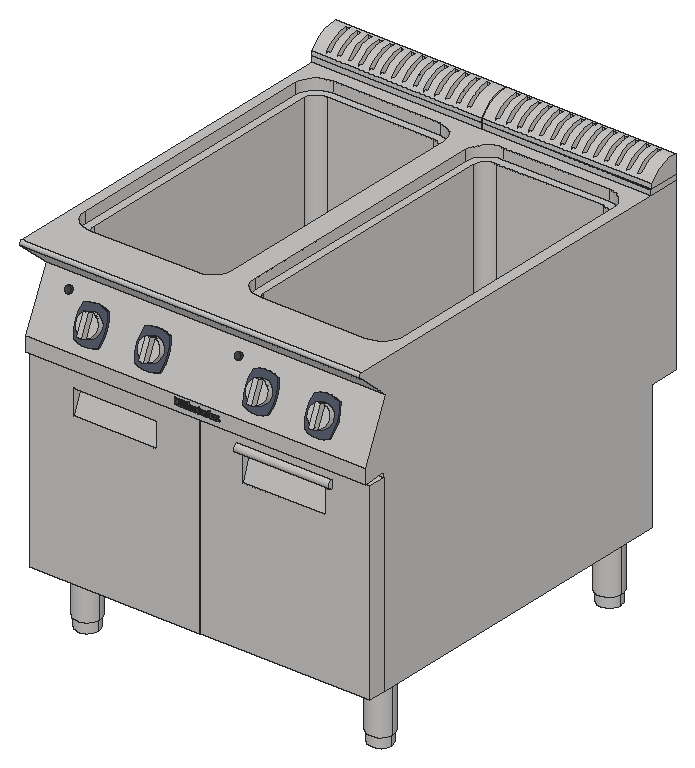
Revit family "QF_ELECTROLUXPROFESSIONAL_391127_E9PCEH2MF0", category Specialty Equipment, Revit 2018 (continued)
Automatic sketch dimensions
  Extrusion 5 sketch curve to Extrusion 5 sketch curve = 0.329 mm
  Extrusion 5 sketch curve to Extrusion 5 sketch curve = 1.054 mm
  Extrusion 5 sketch curve to Extrusion 5 sketch curve = 1.056 mm
  Extrusion 5 sketch curve to Extrusion 5 sketch curve = 0.129 mm
  Extrusion 5 sketch curve to Extrusion 5 sketch curve = 0.489 mm
  Extrusion 5 sketch curve to Extrusion 5 sketch curve = 0.441 mm
  Extrusion 5 sketch curve to Extrusion 5 sketch curve = 1.151 mm
  Extrusion 5 sketch curve to Extrusion 5 sketch curve = 1.141 mm  (x2)
  Extrusion 5 sketch curve to Extrusion 5 sketch curve = 0.768 mm
  Extrusion 5 sketch curve to Extrusion 5 sketch curve = 1.653 mm
  Extrusion 5 sketch curve to Extrusion 5 sketch curve = 0.499 mm
  Extrusion 5 sketch curve to Extrusion 5 sketch curve = 0.964 mm
  Extrusion 5 sketch curve to Extrusion 5 sketch curve = 0.949 mm
  Extrusion 5 sketch curve to Extrusion 5 sketch curve = 1.345 mm  (x3)
  Extrusion 5 sketch curve to Extrusion 5 sketch curve = 1.101 mm
  Extrusion 5 sketch curve to Extrusion 5 sketch curve = 0.432 mm
  Extrusion 5 sketch curve to Extrusion 5 sketch curve = 1.142 mm
  Extrusion 5 sketch curve to Extrusion 5 sketch curve = 0.959 mm
  Extrusion 5 sketch curve to Extrusion 5 sketch curve = 0.176 mm
  Extrusion 5 sketch curve to Extrusion 5 sketch curve = 0.728 mm
  Extrusion 5 sketch curve to Extrusion 5 sketch curve = 3.375 mm  (x2)
  Extrusion 5 sketch curve to Extrusion 5 sketch curve = 0.541 mm
  Extrusion 5 sketch curve to Extrusion 5 sketch curve = 0.955 mm
  Extrusion 5 sketch curve to Extrusion 5 sketch curve = 1.251 mm
  Extrusion 5 sketch curve to Extrusion 5 sketch curve = 0.572 mm
  Extrusion 5 sketch curve to Extrusion 5 sketch curve = 1.92 mm
  Extrusion 5 sketch curve to Extrusion 5 sketch curve = 1.224 mm
  Extrusion 5 sketch curve to Extrusion 5 sketch curve = 0.745 mm
  Extrusion 5 sketch curve to Extrusion 5 sketch curve = 2.537 mm
  Extrusion 5 sketch curve to Extrusion 5 sketch curve = 0.896 mm  (x3)
  Extrusion 5 sketch curve to Extrusion 5 sketch curve = 0.036 mm
  Extrusion 5 sketch curve to Extrusion 5 sketch curve = 2.607 mm
  Extrusion 5 sketch curve to Extrusion 5 sketch curve = 0.066 mm
  Extrusion 5 sketch curve to Extrusion 5 sketch curve = 0.248 mm
  Extrusion 5 sketch curve to Extrusion 5 sketch curve = 0.449 mm
  Extrusion 5 sketch curve to Extrusion 5 sketch curve = 1.052 mm
  Extrusion 5 sketch curve to Extrusion 5 sketch curve = 1.863 mm
  Extrusion 5 sketch curve to Extrusion 5 sketch curve = 1.31 mm  (x2)
  Extrusion 5 sketch curve to Extrusion 5 sketch curve = 0.901 mm
  Extrusion 5 sketch curve to Extrusion 5 sketch curve = 1.107 mm
  Extrusion 5 sketch curve to Extrusion 5 sketch curve = 2.122 mm
  Extrusion 5 sketch curve to Extrusion 5 sketch curve = 2.101 mm
  Extrusion 5 sketch curve to Extrusion 5 sketch curve = 0.106 mm
  Extrusion 5 sketch curve to Extrusion 5 sketch curve = 0.029 mm
  Extrusion 5 sketch curve to Extrusion 5 sketch curve = 2.09 mm
  Extrusion 5 sketch curve to Extrusion 5 sketch curve = 1.279 mm
  Extrusion 5 sketch curve to Extrusion 5 sketch curve = 2.008 mm
  Extrusion 5 sketch curve to Extrusion 5 sketch curve = 0.738 mm
  Extrusion 5 sketch curve to Extrusion 5 sketch curve = 0.382 mm
  Extrusion 5 sketch curve to Extrusion 5 sketch curve = 0.384 mm
  Extrusion 5 sketch curve to Extrusion 5 sketch curve = 0.002 mm
  Extrusion 5 sketch curve to Extrusion 5 sketch curve = 0.561 mm
  Extrusion 5 sketch curve to Extrusion 5 sketch curve = 0.592 mm
  Extrusion 5 sketch curve to Extrusion 5 sketch curve = 2.692 mm
  Extrusion 5 sketch curve to Extrusion 5 sketch curve = 1.259 mm
  Extrusion 5 sketch curve to Extrusion 5 sketch curve = 0.802 mm
  Extrusion 5 sketch curve to Extrusion 5 sketch curve = 1.024 mm  (x2)
  Extrusion 5 sketch curve to Extrusion 5 sketch curve = 0.682 mm
  Extrusion 5 sketch curve to Extrusion 5 sketch curve = 5.934 mm
  Extrusion 5 sketch curve to Extrusion 5 sketch curve = 2.186 mm
  Extrusion 5 sketch curve to Extrusion 5 sketch curve = 0.337 mm
  Extrusion 5 sketch curve to Extrusion 5 sketch curve = 0.021 mm
  Extrusion 5 sketch curve to Extrusion 5 sketch curve = 1.005 mm
  Extrusion 5 sketch curve to Extrusion 5 sketch curve = 0.552 mm
  Extrusion 5 sketch curve to Extrusion 5 sketch curve = 0.778 mm
  Extrusion 5 sketch curve to Extrusion 5 sketch curve = 0.063 mm
  Extrusion 5 sketch curve to Extrusion 5 sketch curve = 1.023 mm
  Extrusion 5 sketch curve to Extrusion 5 sketch curve = 3.804 mm
  Extrusion 5 sketch curve to Extrusion 5 sketch curve = 0.486 mm
  Extrusion 5 sketch curve to Extrusion 5 sketch curve = 0.266 mm
  Extrusion 5 sketch curve to Extrusion 5 sketch curve = 1.547 mm
  Extrusion 5 sketch curve to Extrusion 5 sketch curve = 0.717 mm  (x2)
  Extrusion 5 sketch curve to Extrusion 5 sketch curve = 1.667 mm
  Extrusion 5 sketch curve to Extrusion 5 sketch curve = 3.174 mm
  Extrusion 5 sketch curve to Extrusion 5 sketch curve = 0.388 mm
  Extrusion 5 sketch curve to Extrusion 5 sketch curve = 1.342 mm
  Extrusion 5 sketch curve to Extrusion 5 sketch curve = 1.521 mm
  Extrusion 5 sketch curve to Extrusion 5 sketch curve = 0.124 mm
  Extrusion 5 sketch curve to Extrusion 5 sketch curve = 0.291 mm
  Extrusion 5 sketch curve to Extrusion 5 sketch curve = 1.049 mm  (x2)
  Extrusion 5 sketch curve to Extrusion 5 sketch curve = 1.7 mm
  Extrusion 5 sketch curve to Extrusion 5 sketch curve = 0.894 mm
  Extrusion 5 sketch curve to Extrusion 5 sketch curve = 0.989 mm
  Extrusion 5 sketch curve to Extrusion 5 sketch curve = 1.168 mm
  Extrusion 5 sketch curve to Extrusion 5 sketch curve = 1.594 mm
  Extrusion 5 sketch curve to Extrusion 5 sketch curve = 0.731 mm
  Extrusion 5 sketch curve to Extrusion 5 sketch curve = 1.566 mm
  Extrusion 5 sketch curve to Extrusion 5 sketch curve = 0.064 mm
  Extrusion 5 sketch curve to Extrusion 5 sketch curve = 0.556 mm  (x2)
  Extrusion 5 sketch curve to Extrusion 5 sketch curve = 0.48 mm
  Extrusion 5 sketch curve to Extrusion 5 sketch curve = 1.018 mm
  Extrusion 5 sketch curve to Extrusion 5 sketch curve = 0.787 mm
  Extrusion 5 sketch curve to Extrusion 5 sketch curve = 0.618 mm
  Extrusion 5 sketch curve to Extrusion 5 sketch curve = 1.672 mm
  Extrusion 5 sketch curve to Extrusion 5 sketch curve = 1.361 mm
  Extrusion 5 sketch curve to Extrusion 5 sketch curve = 0.822 mm
  Extrusion 5 sketch curve to Extrusion 5 sketch curve = 0.069 mm
  Extrusion 5 sketch curve to Extrusion 5 sketch curve = 1.88 mm
  Extrusion 5 sketch curve to Extrusion 5 sketch curve = 0.42 mm
  Extrusion 5 sketch curve to Extrusion 5 sketch curve = 0.062 mm
  Extrusion 5 sketch curve to Extrusion 5 sketch curve = 1.355 mm
  Extrusion 5 sketch curve to Extrusion 5 sketch curve = 2.34 mm
  Extrusion 5 sketch curve to Extrusion 5 sketch curve = 0.493 mm
  Extrusion 5 sketch curve to Extrusion 5 sketch curve = 0.136 mm
  Extrusion 5 sketch curve to Extrusion 5 sketch curve = 0.128 mm
  Extrusion 5 sketch curve to Extrusion 5 sketch curve = 3.616 mm
  Extrusion 5 sketch curve to Extrusion 5 sketch curve = 4.207 mm
  Extrusion 5 sketch curve to Extrusion 5 sketch curve = 0.183 mm
  Extrusion 5 sketch curve to Extrusion 5 sketch curve = 0.895 mm
  Extrusion 5 sketch curve to Extrusion 5 sketch curve = 1.314 mm
  Extrusion 5 sketch curve to Extrusion 5 sketch curve = 3.231 mm
  Extrusion 5 sketch curve to Extrusion 5 sketch curve = 1.299 mm
  Extrusion 5 sketch curve to Extrusion 5 sketch curve = 1.214 mm
  Extrusion 5 sketch curve to Extrusion 5 sketch curve = 1.264 mm
  Extrusion 5 sketch curve to Extrusion 5 sketch curve = 0.109 mm
  Extrusion 5 sketch curve to Extrusion 5 sketch curve = 0.357 mm
  Extrusion 5 sketch curve to Extrusion 5 sketch curve = 0.565 mm
  Extrusion 5 sketch curve to Extrusion 5 sketch curve = 2.504 mm
  Extrusion 5 sketch curve to Extrusion 5 sketch curve = 2.459 mm
  Extrusion 1 to Extrusion 5 sketch curve = 5.127 mm
  Extrusion 1 to Extrusion 5 sketch curve = 343.464 mm
  Extrusion 5 sketch curve to Extrusion 5 sketch curve = 0.208 mm
  Extrusion 5 sketch curve to Extrusion 5 sketch curve = 0.468 mm  (x2)
  Extrusion 5 sketch curve to Extrusion 5 sketch curve = 1.559 mm
  Extrusion 5 sketch curve to Extrusion 5 sketch curve = 0.422 mm  (x2)
  Extrusion 5 sketch curve to Extrusion 5 sketch curve = 0.494 mm
  Extrusion 5 sketch curve to Extrusion 5 sketch curve = 3.927 mm
  Extrusion 5 sketch curve to Extrusion 5 sketch curve = 0.782 mm
  Extrusion 5 sketch curve to Extrusion 5 sketch curve = 1.268 mm
  Extrusion 5 sketch curve to Extrusion 5 sketch curve = 0.671 mm
  Extrusion 5 sketch curve to Extrusion 5 sketch curve = 0.777 mm
  Extrusion 5 sketch curve to Extrusion 5 sketch curve = 0.704 mm
  Extrusion 5 sketch curve to Extrusion 5 sketch curve = 0.781 mm  (x2)
  Extrusion 5 sketch curve to Extrusion 5 sketch curve = 1.634 mm
  Extrusion 5 sketch curve to Extrusion 5 sketch curve = 0.132 mm
  Extrusion 5 sketch curve to Extrusion 5 sketch curve = 3.136 mm
  Extrusion 5 sketch curve to Extrusion 5 sketch curve = 2.422 mm
  Extrusion 5 sketch curve to Extrusion 5 sketch curve = 0.586 mm
  Extrusion 5 sketch curve to Extrusion 5 sketch curve = 2.046 mm  (x2)
  Extrusion 5 sketch curve to Extrusion 5 sketch curve = 1.241 mm
  Extrusion 5 sketch curve to Extrusion 5 sketch curve = 1.689 mm
  Extrusion 5 sketch curve to Extrusion 5 sketch curve = 2.859 mm
  Extrusion 5 sketch curve to Extrusion 5 sketch curve = 0.627 mm
  Extrusion 5 sketch curve to Extrusion 5 sketch curve = 0.863 mm
  Extrusion 5 sketch curve to Extrusion 5 sketch curve = 0.419 mm
  Extrusion 5 sketch curve to Extrusion 5 sketch curve = 1.514 mm
  Extrusion 5 sketch curve to Extrusion 5 sketch curve = 1.019 mm
  Extrusion 5 sketch curve to Extrusion 5 sketch curve = 0.065 mm
  Extrusion 5 sketch curve to Extrusion 5 sketch curve = 1.215 mm
  Extrusion 5 sketch curve to Extrusion 5 sketch curve = 2.708 mm
  Extrusion 5 sketch curve to Extrusion 5 sketch curve = 1.122 mm
  Extrusion 5 sketch curve to Extrusion 5 sketch curve = 1.153 mm
  Extrusion 5 sketch curve to Extrusion 5 sketch curve = 3.009 mm
  Extrusion 5 sketch curve to Extrusion 5 sketch curve = 0.829 mm  (x2)
  Extrusion 5 sketch curve to Extrusion 5 sketch curve = 0.934 mm
  Extrusion 5 sketch curve to Extrusion 5 sketch curve = 3.376 mm
  Extrusion 5 sketch curve to Extrusion 5 sketch curve = 0.222 mm
  Extrusion 5 sketch curve to Extrusion 5 sketch curve = 1.383 mm
  Extrusion 5 sketch curve to Extrusion 5 sketch curve = 1.556 mm
  Extrusion 5 sketch curve to Extrusion 5 sketch curve = 2.559 mm
  Extrusion 5 sketch curve to Extrusion 5 sketch curve = 2.51 mm
  Extrusion 5 sketch curve to Extrusion 5 sketch curve = 0.131 mm
  Extrusion 5 sketch curve to Extrusion 5 sketch curve = 1.717 mm
  Extrusion 5 sketch curve to Extrusion 5 sketch curve = 1.134 mm
  Extrusion 5 sketch curve to Extrusion 5 sketch curve = 0.366 mm
  Extrusion 5 sketch curve to Extrusion 5 sketch curve = 0.094 mm
  Extrusion 5 sketch curve to Extrusion 5 sketch curve = 1.584 mm
  Extrusion 5 sketch curve to Extrusion 5 sketch curve = 1.501 mm
  Extrusion 5 sketch curve to Extrusion 5 sketch curve = 0.27 mm
  Extrusion 5 sketch curve to Extrusion 5 sketch curve = 1.808 mm
  Extrusion 5 sketch curve to Extrusion 5 sketch curve = 0.643 mm
  Extrusion 5 sketch curve to Extrusion 5 sketch curve = 0.916 mm
  Extrusion 5 sketch curve to Extrusion 5 sketch curve = 0.352 mm
  Extrusion 5 sketch curve to Extrusion 5 sketch curve = 0.458 mm
  Extrusion 5 sketch curve to Extrusion 5 sketch curve = 1.282 mm
  Extrusion 5 sketch curve to Extrusion 5 sketch curve = 1.363 mm
  Extrusion 5 sketch curve to Extrusion 5 sketch curve = 0.685 mm
  Extrusion 5 sketch curve to Extrusion 5 sketch curve = 0.905 mm
  Extrusion 5 sketch curve to Extrusion 5 sketch curve = 2.865 mm
  Extrusion 5 sketch curve to Extrusion 5 sketch curve = 0.472 mm
  Extrusion 5 sketch curve to Extrusion 5 sketch curve = 0.101 mm
  Extrusion 5 sketch curve to Extrusion 5 sketch curve = 0.54 mm
  Extrusion 5 sketch curve to Extrusion 5 sketch curve = 0.02 mm
  Extrusion 5 sketch curve to Extrusion 5 sketch curve = 0.582 mm
  Extrusion 5 sketch curve to Extrusion 5 sketch curve = 0.166 mm
  Extrusion 5 sketch curve to Extrusion 5 sketch curve = 0.16 mm
  Extrusion 5 sketch curve to Extrusion 5 sketch curve = 2.781 mm
  Extrusion 5 sketch curve to Extrusion 5 sketch curve = 1.118 mm
  Extrusion 5 sketch curve to Extrusion 5 sketch curve = 0.613 mm
  Extrusion 5 sketch curve to Extrusion 5 sketch curve = 0.361 mm
  Extrusion 5 sketch curve to Extrusion 5 sketch curve = 0.897 mm
  Extrusion 5 sketch curve to Extrusion 5 sketch curve = 0.167 mm
  Extrusion 5 sketch curve to Extrusion 5 sketch curve = 0.292 mm
  Extrusion 5 sketch curve to Extrusion 5 sketch curve = 0.305 mm
  Extrusion 5 sketch curve to Extrusion 5 sketch curve = 1.557 mm
  Extrusion 5 sketch curve to Extrusion 5 sketch curve = 2.499 mm
  Extrusion 5 sketch curve to Extrusion 5 sketch curve = 3.062 mm
  Extrusion 5 sketch curve to Extrusion 5 sketch curve = 2.968 mm
  Extrusion 5 sketch curve to Extrusion 5 sketch curve = 5.044 mm
  Extrusion 5 sketch curve to Extrusion 5 sketch curve = 0.629 mm  (x2)
  Extrusion 5 sketch curve to Extrusion 5 sketch curve = 1.131 mm
  Extrusion 5 sketch curve to Extrusion 5 sketch curve = 0.137 mm
  Extrusion 5 sketch curve to Extrusion 5 sketch curve = 0.027 mm
  Extrusion 5 sketch curve to Extrusion 5 sketch curve = 2.235 mm
  Extrusion 6 sketch curve to plane 10 "TOP A" = 0 mm
  Extrusion 6 sketch curve to plane 1 "BACK" = 0 mm
  plane 10 "TOP A" to Extrusion 6 sketch curve = 12.9 mm
  Extrusion 6 sketch curve to plane 12 = 54.11 mm
  Extrusion 7 sketch curve to plane 1 "BACK" = 0 mm
  Extrusion 7 sketch curve to plane 6 "TOP" = 0 mm
  plane 1 "BACK" to Extrusion 7 sketch curve = 4.947 mm
  plane 10 "TOP A" to Extrusion 7 sketch curve = 23.3 mm
  plane 1 "BACK" to Extrusion 7 sketch curve = 69.85 mm
  plane 10 "TOP A" to Extrusion 7 sketch curve = 12.9 mm
  plane 1 "BACK" to Extrusion 8 sketch curve = 6.761 mm  (x14)
  plane 17 to Extrusion 8 sketch curve = 0.513 mm
  Extrusion 8 sketch curve to plane 16 = 1.61 mm
  plane 16 to Extrusion 8 sketch curve = 14.583 mm
  Extrusion 8 sketch curve to Extrusion 8 sketch curve = 57.15 mm
  Extrusion 8 sketch curve to Extrusion 8 sketch curve = 0 mm  (x13)
  Extrusion 8 sketch curve to plane 16 = 10.905 mm
  plane 20 to Extrusion 8 sketch curve = 0.191 mm
  Extrusion 8 sketch curve to plane 20 = 16.001 mm
  Extrusion 8 sketch curve to Extrusion 8 sketch curve = 9.296 mm  (x12)
  Extrusion 8 sketch curve to plane 17 = 15.68 mm
  Extrusion 8 sketch curve to Extrusion 8 sketch curve = 16.193 mm  (x9)
  Extrusion 9 sketch curve to plane 10 "TOP A" = 0 mm
  Extrusion 9 sketch curve to plane 1 "BACK" = 0 mm
  plane 10 "TOP A" to Extrusion 9 sketch curve = 12.9 mm
  Extrusion 9 sketch curve to plane 12 = 54.11 mm
  Extrusion 10 sketch curve to plane 1 "BACK" = 0 mm
  Extrusion 10 sketch curve to plane 6 "TOP" = 0 mm
  plane 1 "BACK" to Extrusion 10 sketch curve = 4.947 mm
  plane 10 "TOP A" to Extrusion 10 sketch curve = 23.3 mm
  plane 1 "BACK" to Extrusion 10 sketch curve = 69.85 mm
  plane 10 "TOP A" to Extrusion 10 sketch curve = 12.9 mm
  plane 1 "BACK" to Extrusion 11 sketch curve = 6.761 mm  (x14)
  plane 18 to Extrusion 11 sketch curve = 1.487 mm
  Extrusion 11 sketch curve to plane 19 = 0.56 mm
  Extrusion 11 sketch curve to Extrusion 11 sketch curve = 57.15 mm
  Extrusion 11 sketch curve to Extrusion 11 sketch curve = 0 mm  (x13)
  Extrusion 11 sketch curve to plane 15 = 6.001 mm
  plane 19 to Extrusion 11 sketch curve = 15.633 mm
  Extrusion 11 sketch curve to Extrusion 11 sketch curve = 9.296 mm  (x13)
  Extrusion 11 sketch curve to Extrusion 11 sketch curve = 16.193 mm  (x10)
  plane 21 to Extrusion 11 sketch curve = 0.191 mm
  Extrusion 12 sketch curve to Extrusion 1 = 0 mm  (x2)
  Extrusion 1 to Extrusion 12 sketch curve = 399.088 mm
  Extrusion 12 sketch curve to Extrusion 12 sketch curve = 1.825 mm
  Extrusion 13 sketch curve to plane 5 "FRONT" = 30 mm
  Extrusion 13 sketch curve to Extrusion 13 sketch curve = 21.813 mm
  Extrusion 13 sketch curve to plane 9 "BASE" = 97.43 mm
  Extrusion 13 sketch curve to plane 9 "BASE" = 37.5 mm
  Extrusion 14 sketch curve to plane 5 "FRONT" = 30 mm
  Extrusion 14 sketch curve to Extrusion 14 sketch curve = 21.813 mm
  Extrusion 14 sketch curve to plane 9 "BASE" = 37.5 mm
  Extrusion 14 sketch curve to Extrusion 14 sketch curve = 59.93 mm
  Extrusion 15 sketch curve to plane 5 "FRONT" = 30 mm
  Extrusion 15 sketch curve to plane 9 "BASE" = 17.595 mm
  Extrusion 15 sketch curve to Extrusion 15 sketch curve = 9.905 mm
  plane 13 to Extrusion 16 sketch curve = 0 mm
  Extrusion 16 sketch curve to plane 20 = 10 mm
  Extrusion 16 sketch curve to Extrusion 16 sketch curve = 0 mm  (x4)
  Extrusion 16 sketch curve to plane 17 = 10 mm  (x2)
  Extrusion 16 sketch curve to plane 7 "Center Y" = 75 mm  (x2)
  Extrusion 16 sketch curve to Extrusion 16 sketch curve = 30 mm
  Extrusion 16 sketch curve to Extrusion 16 sketch curve = 133.357 mm
  Extrusion 17 sketch curve to plane 13 = 163.357 mm
  Extrusion 17 sketch curve to plane 17 = 10 mm
  Extrusion 17 sketch curve to Extrusion 17 sketch curve = 30 mm  (x2)
  plane 12 to Extrusion 17 sketch curve = 25.89 mm  (x2)
  Extrusion 17 sketch curve to plane 12 = 4.11 mm
  Extrusion 17 sketch curve to plane 7 "Center Y" = 75 mm
  plane 7 "Center Y" to Extrusion 18 sketch curve = 25 mm
  plane 13 to Extrusion 18 sketch curve = 20 mm
  Extrusion 18 sketch curve to Extrusion 18 sketch curve = 50 mm  (x2)
  Extrusion 18 sketch curve to plane 12 = 24.11 mm
  plane 18 to Extrusion 18 sketch curve = 12 mm  (x2)
  Extrusion 18 sketch curve to plane 15 = 20 mm
  Extrusion 19 sketch curve to plane 15 = 0 mm  (x2)
  plane 13 to Extrusion 19 sketch curve = 0 mm
  plane 18 to Extrusion 19 sketch curve = 12 mm  (x2)
  plane 7 "Center Y" to Extrusion 19 sketch curve = 75 mm  (x2)
  Extrusion 19 sketch curve to Extrusion 19 sketch curve = 30 mm
  Extrusion 19 sketch curve to Extrusion 19 sketch curve = 0 mm  (x3)
  Extrusion 19 sketch curve to Extrusion 19 sketch curve = 133.357 mm
  Extrusion 20 sketch curve to plane 15 = 0 mm
  Extrusion 20 sketch curve to plane 12 = 4.11 mm
  plane 18 to Extrusion 20 sketch curve = 12 mm
  plane 12 to Extrusion 20 sketch curve = 25.89 mm
  plane 7 "Center Y" to Extrusion 20 sketch curve = 45 mm
  Extrusion 20 sketch curve to plane 8 "Center X" = 141.643 mm  (x2)
  Extrusion 20 sketch curve to Extrusion 20 sketch curve = 30 mm
  Extrusion 21 sketch curve to plane 17 = 39.333 mm
  Extrusion 21 sketch curve to Extrusion 21 sketch curve = 0 mm
  Extrusion 21 sketch curve to Extrusion 21 sketch curve = 12.3 mm  (x3)
  Extrusion 21 sketch curve to Extrusion 21 sketch curve = 34.925 mm  (x2)
  Extrusion 21 sketch curve to plane 17 = 13.606 mm
  Extrusion 21 sketch curve to Extrusion 21 sketch curve = 46.691 mm
  Extrusion 21 sketch curve to Extrusion 21 sketch curve = 26.344 mm
  Extrusion 21 sketch curve to Extrusion 21 sketch curve = 28.57 mm
  Extrusion 23 sketch curve to Extrusion 23 sketch curve = 24.732 mm
  Extrusion 23 sketch curve to Extrusion 23 sketch curve = 0 mm
  Extrusion 24 sketch curve to plane 16 = 17.333 mm
  Extrusion 24 sketch curve to Extrusion 24 sketch curve = 0 mm
  Extrusion 24 sketch curve to Extrusion 24 sketch curve = 12.3 mm  (x3)
  Extrusion 24 sketch curve to Extrusion 24 sketch curve = 34.925 mm  (x2)
  plane 16 to Extrusion 24 sketch curve = 8.394 mm
  Extrusion 24 sketch curve to Extrusion 24 sketch curve = 46.691 mm
  Extrusion 24 sketch curve to plane 16 = 17.95 mm
  Extrusion 24 sketch curve to Extrusion 24 sketch curve = 25.114 mm
  Extrusion 26 sketch curve to Extrusion 26 sketch curve = 24.732 mm
  Extrusion 26 sketch curve to Extrusion 26 sketch curve = 0 mm
  Extrusion 27 sketch curve to plane 17 = 0 mm
  plane 7 "Center Y" to Extrusion 28 sketch curve = 104.333 mm
  Extrusion 28 sketch curve to Extrusion 28 sketch curve = 0 mm
  Extrusion 28 sketch curve to Extrusion 28 sketch curve = 12.3 mm  (x3)
  Extrusion 28 sketch curve to Extrusion 28 sketch curve = 34.925 mm  (x2)
  Extrusion 28 sketch curve to Extrusion 28 sketch curve = 46.691 mm
  Extrusion 28 sketch curve to Extrusion 28 sketch curve = 0.617 mm
  Extrusion 28 sketch curve to Extrusion 28 sketch curve = 28.57 mm
  Extrusion 28 sketch curve to Extrusion 28 sketch curve = 29.185 mm
  Extrusion 30 sketch curve to Extrusion 30 sketch curve = 24.732 mm
  Extrusion 30 sketch curve to Extrusion 30 sketch curve = 0 mm
  Extrusion 31 sketch curve to plane 19 = 16.333 mm
  plane 18 to Extrusion 31 sketch curve = 29.292 mm
  Extrusion 31 sketch curve to Extrusion 31 sketch curve = 0 mm
  Extrusion 31 sketch curve to Extrusion 31 sketch curve = 12.3 mm
  plane 18 to Extrusion 31 sketch curve = 4.178 mm
  Extrusion 31 sketch curve to Extrusion 31 sketch curve = 34.925 mm  (x2)
  plane 19 to Extrusion 31 sketch curve = 9.394 mm
  Extrusion 31 sketch curve to Extrusion 31 sketch curve = 46.691 mm
  Extrusion 31 sketch curve to plane 19 = 16.95 mm
  plane 18 to Extrusion 31 sketch curve = 29.905 mm
  Extrusion 33 sketch curve to Extrusion 33 sketch curve = 24.732 mm
  Extrusion 33 sketch curve to Extrusion 33 sketch curve = 0 mm
  plane 7 "Center Y" to Extrusion 34 sketch curve = 65 mm
  Extrusion 35 sketch curve to plane 16 = 0 mm
  Extrusion 35 sketch curve to plane 13 = 20 mm
  Extrusion 37 sketch curve to plane 18 = 0 mm
  Extrusion 37 sketch curve to plane 13 = 100 mm
  Extrusion 38 sketch curve to plane 19 = 0 mm
  Extrusion 38 sketch curve to plane 13 = 20 mm
  plane 12 to Extrusion 39 sketch curve = 25.89 mm  (x2)
  Extrusion 39 sketch curve to plane 7 "Center Y" = 25 mm
  plane 13 to Extrusion 39 sketch curve = 20 mm
  Extrusion 39 sketch curve to plane 7 "Center Y" = 75 mm
  Extrusion 39 sketch curve to plane 12 = 24.11 mm
  plane 16 to Extrusion 39 sketch curve = 157 mm  (x2)
  Revolve 40 sketch curve to level = 0 mm
  Revolve 40 sketch curve to plane 11 = 0 mm  (x2)
  Revolve 40 sketch curve to plane 20 = 0 mm  (x2)
  level to Revolve 40 sketch curve = 25 mm
  plane 11 to Revolve 40 sketch curve = 20 mm
  Revolve 40 sketch curve to plane 20 = 26.25 mm
  plane 3 "LEFT" to Revolve 40 sketch curve = 25 mm
  Revolve 41 sketch curve to level = 0 mm
  Revolve 41 sketch curve to plane 11 = 0 mm  (x2)
  plane 20 to Revolve 41 sketch curve = 0 mm
  Revolve 41 sketch curve to plane 20 = 0 mm
  level to Revolve 41 sketch curve = 25 mm
  plane 11 to Revolve 41 sketch curve = 20 mm
  Revolve 41 sketch curve to plane 20 = 26.25 mm
  plane 3 "LEFT" to Revolve 41 sketch curve = 25 mm
  Revolve 42 sketch curve to level = 0 mm
  Revolve 42 sketch curve to plane 11 = 0 mm  (x2)
  Revolve 42 sketch curve to plane 21 = 0 mm
  plane 21 to Revolve 42 sketch curve = 0 mm
  level to Revolve 42 sketch curve = 25 mm
  plane 11 to Revolve 42 sketch curve = 20 mm
  Revolve 42 sketch curve to plane 15 = 16.25 mm
  Revolve 42 sketch curve to plane 15 = 20 mm
  Revolve 43 sketch curve to level = 0 mm
  Revolve 43 sketch curve to plane 11 = 0 mm  (x2)
  plane 21 to Revolve 43 sketch curve = 0 mm  (x2)
  level to Revolve 43 sketch curve = 25 mm
  plane 11 to Revolve 43 sketch curve = 20 mm
  Revolve 43 sketch curve to plane 15 = 16.25 mm
  Revolve 43 sketch curve to plane 15 = 20 mm
  Extrusion 36 sketch curve to Extrusion 1 = 201 mm
  Extrusion 36 sketch curve to Extrusion 1 = 288.773 mm
  radius of Extrusion 22 sketch curve = 25.4 mm
  radius of Extrusion 23 sketch curve to Extrusion 22 = 0 mm  (x2)
  radius of Extrusion 25 sketch curve = 25.4 mm
  radius of Extrusion 26 sketch curve to Extrusion 25 = 0 mm  (x2)
  radius of Extrusion 27 sketch curve = 7.5 mm
  radius of Extrusion 29 sketch curve = 25.4 mm
  radius of Extrusion 30 sketch curve to Extrusion 29 = 0 mm  (x2)
  radius of Extrusion 32 sketch curve = 25.4 mm
  radius of Extrusion 33 sketch curve to Extrusion 32 = 0 mm  (x2)
  radius of Extrusion 34 sketch curve = 7.5 mm
  radius of Extrusion 35 sketch curve = 12.7 mm
  radius of Extrusion 37 sketch curve = 9.525 mm
  radius of Extrusion 38 sketch curve = 12.7 mm
  radius of Extrusion 36 sketch curve = 6.35 mm
Connectors
  piping at (737, -700, 200), diameter 19
    settings: on Extrusion 37, index 1, connector inside diameter 0.74803", connector length 0 mm, flow factor 0, pipe flow 0 GPM, pressure drop 0.00 psi, fitting loss kfactor 0, connector angle 0.00°, fixture units 0, engagement length 0 mm, angle of deflection 0.00°, flow configuration 1, flow direction 1, fitting loss method 0, system type 20, joint type 0, gender type 0, connector reference index -1, connector utility 0, adjustable connector no, is connector primary yes, connector description "WATER INLET"
  piping at (632, -780, 176), diameter 25.4
    settings: on Extrusion 38, index 2, connector inside diameter 1", connector length 0 mm, flow factor 0, pipe flow 0 GPM, pressure drop 0.00 psi, fitting loss kfactor 0, connector angle 0.00°, fixture units 0, engagement length 0 mm, angle of deflection 0.00°, flow configuration 1, flow direction 2, fitting loss method 0, system type 16, joint type 0, gender type 0, connector reference index -1, connector utility 0, adjustable connector no, is connector primary no, connector description "DRAIN"
  piping at (232, -780, 176), diameter 25.4
    settings: on Extrusion 35, index 3, connector inside diameter 1", connector length 0 mm, flow factor 0, pipe flow 0 GPM, pressure drop 0.00 psi, fitting loss kfactor 0, connector angle 0.00°, fixture units 0, engagement length 0 mm, angle of deflection 0.00°, flow configuration 1, flow direction 2, fitting loss method 0, system type 16, joint type 0, gender type 0, connector reference index -1, connector utility 0, adjustable connector no, is connector primary no, connector description "DRAIN"
  electrical at (599, -570, 140), driven by "Volts", driven by "Watts"
    settings: on Extrusion 36, index 4, voltage 400 V, apparent load 20000 VA, apparent load phase1 0 VA, apparent load phase2 0 VA, apparent load phase3 0 VA, power factor 1, load classification "Other", number of poles 1, system type 30, power factor state 1, is connector primary yes, connector utility no, sub classification motor no, connector description "ELECTRICAL CONNECTION"
